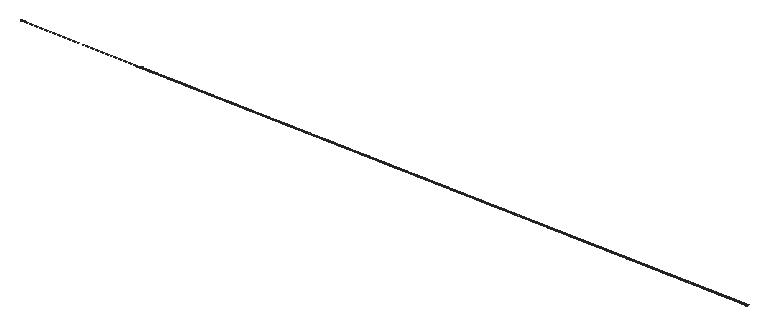
Revit family "0068184", category Lighting Fixtures, host Face, Revit 2017 (continued)
Forms (mm)
  Extrusion 52, solid
    from -1.2 to 0
  Extrusion 53, solid
    sketch origin (4496.694, 0, 0) x (1, 0, 0) y (0, 1, 0)
      loop
        line (9.4, -1.7) -> (9.4, 1.7) -> (6.6, 1.7) -> (6.6, -1.7) -> (9.4, -1.7)
      loop
        line (19.1, 1.7) -> (19.1, -1.7) -> (21.9, -1.7) -> (21.9, 1.7) -> (19.1, 1.7)
      loop
        line (34.4, -1.7) -> (34.4, 1.7) -> (31.6, 1.7) -> (31.6, -1.7) -> (34.4, -1.7)
      loop
        line (46.9, -1.7) -> (46.9, 1.7) -> (44.1, 1.7) -> (44.1, -1.7) -> (46.9, -1.7)
      loop
        line (59.4, -1.7) -> (59.4, 1.7) -> (56.6, 1.7) -> (56.6, -1.7) -> (59.4, -1.7)
      loop
        line (71.9, -1.7) -> (71.9, 1.7) -> (69.1, 1.7) -> (69.1, -1.7) -> (71.9, -1.7)
      loop
        line (84.4, -1.7) -> (84.4, 1.7) -> (81.6, 1.7) -> (81.6, -1.7) -> (84.4, -1.7)
      loop
        line (96.9, -1.7) -> (96.9, 1.7) -> (94.1, 1.7) -> (94.1, -1.7) -> (96.9, -1.7)
    from -1.2 to 0
  Extrusion 54, solid
    sketch origin (4596.62, 0, 0) x (1, 0, 0) y (0, 1, 0)
      loop
        line (9.4, -1.7) -> (9.4, 1.7) -> (6.6, 1.7) -> (6.6, -1.7) -> (9.4, -1.7)
      loop
        line (19.1, 1.7) -> (19.1, -1.7) -> (21.9, -1.7) -> (21.9, 1.7) -> (19.1, 1.7)
      loop
        line (34.4, -1.7) -> (34.4, 1.7) -> (31.6, 1.7) -> (31.6, -1.7) -> (34.4, -1.7)
      loop
        line (46.9, -1.7) -> (46.9, 1.7) -> (44.1, 1.7) -> (44.1, -1.7) -> (46.9, -1.7)
      loop
        line (59.4, -1.7) -> (59.4, 1.7) -> (56.6, 1.7) -> (56.6, -1.7) -> (59.4, -1.7)
      loop
        line (71.9, -1.7) -> (71.9, 1.7) -> (69.1, 1.7) -> (69.1, -1.7) -> (71.9, -1.7)
      loop
        line (84.4, -1.7) -> (84.4, 1.7) -> (81.6, 1.7) -> (81.6, -1.7) -> (84.4, -1.7)
      loop
        line (96.9, -1.7) -> (96.9, 1.7) -> (94.1, 1.7) -> (94.1, -1.7) -> (96.9, -1.7)
    from -1.2 to 0
  Extrusion 55, solid
    sketch origin (4696.547, 0, 0) x (1, 0, 0) y (0, 1, 0)
      loop
        line (9.4, -1.7) -> (9.4, 1.7) -> (6.6, 1.7) -> (6.6, -1.7) -> (9.4, -1.7)
      loop
        line (19.1, 1.7) -> (19.1, -1.7) -> (21.9, -1.7) -> (21.9, 1.7) -> (19.1, 1.7)
      loop
        line (34.4, -1.7) -> (34.4, 1.7) -> (31.6, 1.7) -> (31.6, -1.7) -> (34.4, -1.7)
      loop
        line (46.9, -1.7) -> (46.9, 1.7) -> (44.1, 1.7) -> (44.1, -1.7) -> (46.9, -1.7)
      loop
        line (59.4, -1.7) -> (59.4, 1.7) -> (56.6, 1.7) -> (56.6, -1.7) -> (59.4, -1.7)
      loop
        line (71.9, -1.7) -> (71.9, 1.7) -> (69.1, 1.7) -> (69.1, -1.7) -> (71.9, -1.7)
      loop
        line (84.4, -1.7) -> (84.4, 1.7) -> (81.6, 1.7) -> (81.6, -1.7) -> (84.4, -1.7)
      loop
        line (96.9, -1.7) -> (96.9, 1.7) -> (94.1, 1.7) -> (94.1, -1.7) -> (96.9, -1.7)
    from -1.2 to 0
  Extrusion 56, solid
    sketch origin (4796.473, 0, 0) x (1, 0, 0) y (0, 1, 0)
      loop
        line (9.4, -1.7) -> (9.4, 1.7) -> (6.6, 1.7) -> (6.6, -1.7) -> (9.4, -1.7)
      loop
        line (19.1, 1.7) -> (19.1, -1.7) -> (21.9, -1.7) -> (21.9, 1.7) -> (19.1, 1.7)
      loop
        line (34.4, -1.7) -> (34.4, 1.7) -> (31.6, 1.7) -> (31.6, -1.7) -> (34.4, -1.7)
      loop
        line (46.9, -1.7) -> (46.9, 1.7) -> (44.1, 1.7) -> (44.1, -1.7) -> (46.9, -1.7)
      loop
        line (59.4, -1.7) -> (59.4, 1.7) -> (56.6, 1.7) -> (56.6, -1.7) -> (59.4, -1.7)
      loop
        line (71.9, -1.7) -> (71.9, 1.7) -> (69.1, 1.7) -> (69.1, -1.7) -> (71.9, -1.7)
      loop
        line (84.4, -1.7) -> (84.4, 1.7) -> (81.6, 1.7) -> (81.6, -1.7) -> (84.4, -1.7)
      loop
        line (96.9, -1.7) -> (96.9, 1.7) -> (94.1, 1.7) -> (94.1, -1.7) -> (96.9, -1.7)
    from -1.2 to 0
  Extrusion 57, solid
    sketch origin (4896.4, 0, 0) x (1, 0, 0) y (0, 1, 0)
      loop
        line (52.9, -1.5) -> (52.9, 1.5) -> (50.6, 1.5) -> (50.6, -1.5) -> (52.9, -1.5)
    from -1.2 to -0.5
  Extrusion 58, solid
    sketch origin (99.927, 0, 0) x (1, 0, 0) y (0, 1, 0)
      loop
        line (52.9, -1.5) -> (52.9, 1.5) -> (50.6, 1.5) -> (50.6, -1.5) -> (52.9, -1.5)
    from -1.2 to -0.5
  Extrusion 59, solid
    sketch origin (199.853, 0, 0) x (1, 0, 0) y (0, 1, 0)
      loop
        line (52.9, -1.5) -> (52.9, 1.5) -> (50.6, 1.5) -> (50.6, -1.5) -> (52.9, -1.5)
    from -1.2 to -0.5
  Extrusion 60, solid
    sketch origin (299.78, 0, 0) x (1, 0, 0) y (0, 1, 0)
      loop
        line (52.9, -1.5) -> (52.9, 1.5) -> (50.6, 1.5) -> (50.6, -1.5) -> (52.9, -1.5)
    from -1.2 to -0.5
  Extrusion 61, solid
    sketch origin (399.706, 0, 0) x (1, 0, 0) y (0, 1, 0)
      loop
        line (52.9, -1.5) -> (52.9, 1.5) -> (50.6, 1.5) -> (50.6, -1.5) -> (52.9, -1.5)
    from -1.2 to -0.5
  Extrusion 62, solid
    sketch origin (499.633, 0, 0) x (1, 0, 0) y (0, 1, 0)
      loop
        line (52.9, -1.5) -> (52.9, 1.5) -> (50.6, 1.5) -> (50.6, -1.5) -> (52.9, -1.5)
    from -1.2 to -0.5
  Extrusion 63, solid
    sketch origin (599.559, 0, 0) x (1, 0, 0) y (0, 1, 0)
      loop
        line (52.9, -1.5) -> (52.9, 1.5) -> (50.6, 1.5) -> (50.6, -1.5) -> (52.9, -1.5)
    from -1.2 to -0.5
  Extrusion 64, solid
    sketch origin (699.486, 0, 0) x (1, 0, 0) y (0, 1, 0)
      loop
        line (52.9, -1.5) -> (52.9, 1.5) -> (50.6, 1.5) -> (50.6, -1.5) -> (52.9, -1.5)
    from -1.2 to -0.5
  Extrusion 65, solid
    sketch origin (799.412, 0, 0) x (1, 0, 0) y (0, 1, 0)
      loop
        line (52.9, -1.5) -> (52.9, 1.5) -> (50.6, 1.5) -> (50.6, -1.5) -> (52.9, -1.5)
    from -1.2 to -0.5
  Extrusion 66, solid
    sketch origin (899.339, 0, 0) x (1, 0, 0) y (0, 1, 0)
      loop
        line (52.9, -1.5) -> (52.9, 1.5) -> (50.6, 1.5) -> (50.6, -1.5) -> (52.9, -1.5)
    from -1.2 to -0.5
  Extrusion 67, solid
    sketch origin (999.265, 0, 0) x (1, 0, 0) y (0, 1, 0)
      loop
        line (52.9, -1.5) -> (52.9, 1.5) -> (50.6, 1.5) -> (50.6, -1.5) -> (52.9, -1.5)
    from -1.2 to -0.5
  Extrusion 68, solid
    sketch origin (1099.192, 0, 0) x (1, 0, 0) y (0, 1, 0)
      loop
        line (52.9, -1.5) -> (52.9, 1.5) -> (50.6, 1.5) -> (50.6, -1.5) -> (52.9, -1.5)
    from -1.2 to -0.5
  Extrusion 69, solid
    sketch origin (1199.118, 0, 0) x (1, 0, 0) y (0, 1, 0)
      loop
        line (52.9, -1.5) -> (52.9, 1.5) -> (50.6, 1.5) -> (50.6, -1.5) -> (52.9, -1.5)
    from -1.2 to -0.5
  Extrusion 70, solid
    sketch origin (1299.045, 0, 0) x (1, 0, 0) y (0, 1, 0)
      loop
        line (52.9, -1.5) -> (52.9, 1.5) -> (50.6, 1.5) -> (50.6, -1.5) -> (52.9, -1.5)
    from -1.2 to -0.5
  Extrusion 71, solid
    sketch origin (1398.971, 0, 0) x (1, 0, 0) y (0, 1, 0)
      loop
        line (52.9, -1.5) -> (52.9, 1.5) -> (50.6, 1.5) -> (50.6, -1.5) -> (52.9, -1.5)
    from -1.2 to -0.5
  Extrusion 72, solid
    sketch origin (1498.898, 0, 0) x (1, 0, 0) y (0, 1, 0)
      loop
        line (52.9, -1.5) -> (52.9, 1.5) -> (50.6, 1.5) -> (50.6, -1.5) -> (52.9, -1.5)
    from -1.2 to -0.5
  Extrusion 73, solid
    sketch origin (1598.824, 0, 0) x (1, 0, 0) y (0, 1, 0)
      loop
        line (52.9, -1.5) -> (52.9, 1.5) -> (50.6, 1.5) -> (50.6, -1.5) -> (52.9, -1.5)
    from -1.2 to -0.5
  Extrusion 74, solid
    sketch origin (1698.751, 0, 0) x (1, 0, 0) y (0, 1, 0)
      loop
        line (52.9, -1.5) -> (52.9, 1.5) -> (50.6, 1.5) -> (50.6, -1.5) -> (52.9, -1.5)
    from -1.2 to -0.5
  Extrusion 75, solid
    sketch origin (1798.678, 0, 0) x (1, 0, 0) y (0, 1, 0)
      loop
        line (52.9, -1.5) -> (52.9, 1.5) -> (50.6, 1.5) -> (50.6, -1.5) -> (52.9, -1.5)
    from -1.2 to -0.5
  Extrusion 76, solid
    sketch origin (1898.604, 0, 0) x (1, 0, 0) y (0, 1, 0)
      loop
        line (52.9, -1.5) -> (52.9, 1.5) -> (50.6, 1.5) -> (50.6, -1.5) -> (52.9, -1.5)
    from -1.2 to -0.5
  Extrusion 77, solid
    sketch origin (1998.531, 0, 0) x (1, 0, 0) y (0, 1, 0)
      loop
        line (52.9, -1.5) -> (52.9, 1.5) -> (50.6, 1.5) -> (50.6, -1.5) -> (52.9, -1.5)
    from -1.2 to -0.5
  Extrusion 78, solid
    sketch origin (2098.457, 0, 0) x (1, 0, 0) y (0, 1, 0)
      loop
        line (52.9, -1.5) -> (52.9, 1.5) -> (50.6, 1.5) -> (50.6, -1.5) -> (52.9, -1.5)
    from -1.2 to -0.5
  Extrusion 79, solid
    sketch origin (2198.384, 0, 0) x (1, 0, 0) y (0, 1, 0)
      loop
        line (52.9, -1.5) -> (52.9, 1.5) -> (50.6, 1.5) -> (50.6, -1.5) -> (52.9, -1.5)
    from -1.2 to -0.5
  Extrusion 80, solid
    sketch origin (2298.31, 0, 0) x (1, 0, 0) y (0, 1, 0)
      loop
        line (52.9, -1.5) -> (52.9, 1.5) -> (50.6, 1.5) -> (50.6, -1.5) -> (52.9, -1.5)
    from -1.2 to -0.5
  Extrusion 81, solid
    sketch origin (2398.237, 0, 0) x (1, 0, 0) y (0, 1, 0)
      loop
        line (52.9, -1.5) -> (52.9, 1.5) -> (50.6, 1.5) -> (50.6, -1.5) -> (52.9, -1.5)
    from -1.2 to -0.5
  Extrusion 82, solid
    sketch origin (2498.163, 0, 0) x (1, 0, 0) y (0, 1, 0)
      loop
        line (52.9, -1.5) -> (52.9, 1.5) -> (50.6, 1.5) -> (50.6, -1.5) -> (52.9, -1.5)
    from -1.2 to -0.5
  Extrusion 83, solid
    sketch origin (2598.09, 0, 0) x (1, 0, 0) y (0, 1, 0)
      loop
        line (52.9, -1.5) -> (52.9, 1.5) -> (50.6, 1.5) -> (50.6, -1.5) -> (52.9, -1.5)
    from -1.2 to -0.5
  Extrusion 84, solid
    sketch origin (2698.016, 0, 0) x (1, 0, 0) y (0, 1, 0)
      loop
        line (52.9, -1.5) -> (52.9, 1.5) -> (50.6, 1.5) -> (50.6, -1.5) -> (52.9, -1.5)
    from -1.2 to -0.5
  Extrusion 85, solid
    sketch origin (2797.943, 0, 0) x (1, 0, 0) y (0, 1, 0)
      loop
        line (52.9, -1.5) -> (52.9, 1.5) -> (50.6, 1.5) -> (50.6, -1.5) -> (52.9, -1.5)
    from -1.2 to -0.5
  Extrusion 86, solid
    sketch origin (2897.869, 0, 0) x (1, 0, 0) y (0, 1, 0)
      loop
        line (52.9, -1.5) -> (52.9, 1.5) -> (50.6, 1.5) -> (50.6, -1.5) -> (52.9, -1.5)
    from -1.2 to -0.5
  Extrusion 87, solid
    sketch origin (2997.796, 0, 0) x (1, 0, 0) y (0, 1, 0)
      loop
        line (52.9, -1.5) -> (52.9, 1.5) -> (50.6, 1.5) -> (50.6, -1.5) -> (52.9, -1.5)
    from -1.2 to -0.5
  Extrusion 88, solid
    sketch origin (3097.722, 0, 0) x (1, 0, 0) y (0, 1, 0)
      loop
        line (52.9, -1.5) -> (52.9, 1.5) -> (50.6, 1.5) -> (50.6, -1.5) -> (52.9, -1.5)
    from -1.2 to -0.5
  Extrusion 89, solid
    sketch origin (3197.649, 0, 0) x (1, 0, 0) y (0, 1, 0)
      loop
        line (52.9, -1.5) -> (52.9, 1.5) -> (50.6, 1.5) -> (50.6, -1.5) -> (52.9, -1.5)
    from -1.2 to -0.5
  Extrusion 90, solid
    sketch origin (3297.576, 0, 0) x (1, 0, 0) y (0, 1, 0)
      loop
        line (52.9, -1.5) -> (52.9, 1.5) -> (50.6, 1.5) -> (50.6, -1.5) -> (52.9, -1.5)
    from -1.2 to -0.5
  Extrusion 91, solid
    sketch origin (3397.502, 0, 0) x (1, 0, 0) y (0, 1, 0)
      loop
        line (52.9, -1.5) -> (52.9, 1.5) -> (50.6, 1.5) -> (50.6, -1.5) -> (52.9, -1.5)
    from -1.2 to -0.5
  Extrusion 92, solid
    sketch origin (3497.429, 0, 0) x (1, 0, 0) y (0, 1, 0)
      loop
        line (52.9, -1.5) -> (52.9, 1.5) -> (50.6, 1.5) -> (50.6, -1.5) -> (52.9, -1.5)
    from -1.2 to -0.5
  Extrusion 93, solid
    sketch origin (3597.355, 0, 0) x (1, 0, 0) y (0, 1, 0)
      loop
        line (52.9, -1.5) -> (52.9, 1.5) -> (50.6, 1.5) -> (50.6, -1.5) -> (52.9, -1.5)
    from -1.2 to -0.5
  Extrusion 94, solid
    sketch origin (3697.282, 0, 0) x (1, 0, 0) y (0, 1, 0)
      loop
        line (52.9, -1.5) -> (52.9, 1.5) -> (50.6, 1.5) -> (50.6, -1.5) -> (52.9, -1.5)
    from -1.2 to -0.5
  Extrusion 95, solid
    sketch origin (3797.208, 0, 0) x (1, 0, 0) y (0, 1, 0)
      loop
        line (52.9, -1.5) -> (52.9, 1.5) -> (50.6, 1.5) -> (50.6, -1.5) -> (52.9, -1.5)
    from -1.2 to -0.5
  Extrusion 96, solid
    sketch origin (3897.135, 0, 0) x (1, 0, 0) y (0, 1, 0)
      loop
        line (52.9, -1.5) -> (52.9, 1.5) -> (50.6, 1.5) -> (50.6, -1.5) -> (52.9, -1.5)
    from -1.2 to -0.5
  Extrusion 97, solid
    sketch origin (3997.061, 0, 0) x (1, 0, 0) y (0, 1, 0)
      loop
        line (52.9, -1.5) -> (52.9, 1.5) -> (50.6, 1.5) -> (50.6, -1.5) -> (52.9, -1.5)
    from -1.2 to -0.5
  Extrusion 98, solid
    sketch origin (4096.988, 0, 0) x (1, 0, 0) y (0, 1, 0)
      loop
        line (52.9, -1.5) -> (52.9, 1.5) -> (50.6, 1.5) -> (50.6, -1.5) -> (52.9, -1.5)
    from -1.2 to -0.5
  Extrusion 99, solid
    sketch origin (4196.914, 0, 0) x (1, 0, 0) y (0, 1, 0)
      loop
        line (52.9, -1.5) -> (52.9, 1.5) -> (50.6, 1.5) -> (50.6, -1.5) -> (52.9, -1.5)
    from -1.2 to -0.5
  Extrusion 100, solid
    sketch origin (4296.841, 0, 0) x (1, 0, 0) y (0, 1, 0)
      loop
        line (52.9, -1.5) -> (52.9, 1.5) -> (50.6, 1.5) -> (50.6, -1.5) -> (52.9, -1.5)
    from -1.2 to -0.5
  Extrusion 101, solid
    sketch origin (4396.767, 0, 0) x (1, 0, 0) y (0, 1, 0)
      loop
        line (52.9, -1.5) -> (52.9, 1.5) -> (50.6, 1.5) -> (50.6, -1.5) -> (52.9, -1.5)
    from -1.2 to -0.5
  Extrusion 102, solid
    sketch origin (4496.694, 0, 0) x (1, 0, 0) y (0, 1, 0)
      loop
        line (52.9, -1.5) -> (52.9, 1.5) -> (50.6, 1.5) -> (50.6, -1.5) -> (52.9, -1.5)
    from -1.2 to -0.5
  Extrusion 103, solid
    sketch origin (4596.62, 0, 0) x (1, 0, 0) y (0, 1, 0)
      loop
        line (52.9, -1.5) -> (52.9, 1.5) -> (50.6, 1.5) -> (50.6, -1.5) -> (52.9, -1.5)
    from -1.2 to -0.5
  Extrusion 104, solid
    sketch origin (4696.547, 0, 0) x (1, 0, 0) y (0, 1, 0)
      loop
        line (52.9, -1.5) -> (52.9, 1.5) -> (50.6, 1.5) -> (50.6, -1.5) -> (52.9, -1.5)
    from -1.2 to -0.5
  Extrusion 105, solid
    sketch origin (4796.473, 0, 0) x (1, 0, 0) y (0, 1, 0)
      loop
        line (52.9, -1.5) -> (52.9, 1.5) -> (50.6, 1.5) -> (50.6, -1.5) -> (52.9, -1.5)
    from -1.2 to -0.5
Dimensions and locks
  "CABLE_LENGHT_SYL": plane 8 to plane 3 "Center (Left/Right)"
  "CABLE_FIX_SYL": plane 3 "Center (Left/Right)" to plane 7
  "LUM_WIDTH_SYL": plane 6 to plane 1 "Center (Front/Back)" to plane 5
  "CABLE_BLEND_SYL": plane 9 to plane 3 "Center (Left/Right)"
  "CABLE_END_SYL": plane 8 to plane 10
  "LUM_LENGHT_SYL": plane 3 "Center (Left/Right)" to plane 4
  "CABLE_DIST_SYL": plane 12 to plane 1 "Center (Front/Back)" to plane 11
  "CABLE_DIST2_SYL": plane 13 to plane 5
  "CABLE_DIST2_SYL": plane 6 to plane 14
  "LED_CH_S_WIDTH_SYL": plane 18 to plane 1 "Center (Front/Back)" to plane 17
  "LED_CH_L_WIDTH_SYL": plane 16 to plane 1 "Center (Front/Back)" to plane 15
  "PHOTOMETRY1_SYL": imposter light to plane 4
  "PHOTOMETRY2_SYL": imposter light to Extrusion 1
  "LED_CH_L_DIST1_SYL": plane 3 "Center (Left/Right)" to plane 19  (x2)
  "LED_CH_L_DIST_SYL": plane 19 to plane 20 to plane 21 to plane 22 to plane 23 to plane 24 to plane 25 to plane 26
  "LED_CH_S_DEPTH1_SYL": plane 19 to plane 43
  "LED_CH_S_DEPTH2_SYL": plane 44 to plane 19
  equal spacing: group 1, group 3, group 4, group 5, group 6, group 7, group 8, group 9, group 10, group 11, group 12, group 13, group 14, group 15, group 16, group 17, group 18, group 19, group 20, group 21, group 22, group 23, group 24, group 25, group 26, group 27, group 28, group 29, group 30, group 31, group 32, group 33, group 34, group 35, group 36, group 37, group 38, group 39, group 40, group 41, group 42, group 43, group 44, group 45, group 46, group 47, group 48, group 49, group 50, group 2  (x3)
  equal spacing: group 51, group 53, group 54, group 55, group 56, group 57, group 58, group 59, group 60, group 61, group 62, group 63, group 64, group 65, group 66, group 67, group 68, group 69, group 70, group 71, group 72, group 73, group 74, group 75, group 76, group 77, group 78, group 79, group 80, group 81, group 82, group 83, group 84, group 85, group 86, group 87, group 88, group 89, group 90, group 91, group 92, group 93, group 94, group 95, group 96, group 97, group 98, group 99, group 100, group 52  (x3)
  aligned and locked: host face to plane 2
  aligned and locked: host face to level
  aligned and locked: Extrusion 1 sketch curve to plane 4
  aligned and locked: plane 3 "Center (Left/Right)" to Extrusion 1 sketch curve
  aligned and locked: Revolve 4 sketch curve to plane 11
  aligned and locked: Sweep 2 to Revolve 4 sketch curve
  aligned and locked: plane 8 to Revolve 4 sketch curve
  aligned and locked: Revolve 5 sketch curve to plane 12  (x2)
  aligned and locked: Revolve 5 sketch curve to Sweep 3
  aligned and locked: Revolve 5 sketch curve to plane 8
Automatic sketch dimensions
  plane 6 to Extrusion 1 sketch curve = 0 mm
  plane 5 to Extrusion 1 sketch curve = 0 mm
  Sweep 2 sketch curve to plane 10 = 0 mm
  Sweep 2 sketch curve to plane 9 = 0 mm
  Sweep 2 sketch curve to plane 3 "Center (Left/Right)" = 0 mm
  Sweep 2 sketch curve to plane 7 = 0 mm
  plane 11 to Sweep 2 sketch curve = 0 mm
  plane 13 to Sweep 2 sketch curve = 0 mm
  Sweep 3 sketch curve to plane 10 = 0 mm
  Sweep 3 sketch curve to plane 9 = 0 mm
  Sweep 3 sketch curve to plane 3 "Center (Left/Right)" = 0 mm
  Sweep 3 sketch curve to plane 7 = 0 mm
  plane 14 to Sweep 3 sketch curve = 0 mm
  plane 12 to Sweep 3 sketch curve = 0 mm
  level to Sweep 3 sketch curve = 0 mm
  Sweep 3 sketch curve to profile plane = 0 mm
  Sweep 2 sketch curve to level = 0 mm
  Sweep 2 sketch curve to profile plane = 0 mm
  host sketch curve to host sketch curve = 6451.645 mm
  host sketch curve to host sketch curve = 2438.4 mm
  plane 16 to Revolve 5 sketch curve = 0.723 mm
  Revolve 5 sketch curve to plane 8 = 1324 mm
  Revolve 4 sketch curve to plane 11 = 0 mm
  Revolve 4 sketch curve to plane 15 = 0.744 mm
  Revolve 4 sketch curve to plane 8 = 1324 mm
  plane 7 to Revolve 4 sketch curve = 1556.2 mm
  plane 7 to Revolve 5 sketch curve = 1556.2 mm
  Extrusion 6 sketch curve to Extrusion 6 sketch curve = 2.8 mm  (x8)
  Extrusion 6 sketch curve to Extrusion 6 sketch curve = 9.7 mm  (x7)
  Extrusion 6 sketch curve to Extrusion 6 sketch curve = 0 mm  (x7)
  Extrusion 6 sketch curve to Extrusion 6 sketch curve = 3.4 mm  (x8)
  Extrusion 8 sketch curve to Extrusion 8 sketch curve = 2.8 mm  (x8)
  Extrusion 8 sketch curve to Extrusion 8 sketch curve = 9.7 mm  (x7)
  Extrusion 8 sketch curve to Extrusion 8 sketch curve = 0 mm  (x7)
  Extrusion 8 sketch curve to Extrusion 8 sketch curve = 3.4 mm  (x8)
  Extrusion 9 sketch curve to Extrusion 9 sketch curve = 2.8 mm  (x8)
  Extrusion 9 sketch curve to Extrusion 9 sketch curve = 9.7 mm  (x7)
  Extrusion 9 sketch curve to Extrusion 9 sketch curve = 0 mm  (x7)
  Extrusion 9 sketch curve to Extrusion 9 sketch curve = 3.4 mm  (x8)
  Extrusion 10 sketch curve to Extrusion 10 sketch curve = 2.8 mm  (x8)
  Extrusion 10 sketch curve to Extrusion 10 sketch curve = 9.7 mm  (x7)
  Extrusion 10 sketch curve to Extrusion 10 sketch curve = 0 mm  (x7)
  Extrusion 10 sketch curve to Extrusion 10 sketch curve = 3.4 mm  (x8)
  Extrusion 11 sketch curve to Extrusion 11 sketch curve = 2.8 mm  (x8)
  Extrusion 11 sketch curve to Extrusion 11 sketch curve = 9.7 mm  (x7)
  Extrusion 11 sketch curve to Extrusion 11 sketch curve = 0 mm  (x7)
  Extrusion 11 sketch curve to Extrusion 11 sketch curve = 3.4 mm  (x8)
  Extrusion 12 sketch curve to Extrusion 12 sketch curve = 2.8 mm  (x8)
  Extrusion 12 sketch curve to Extrusion 12 sketch curve = 9.7 mm  (x7)
  Extrusion 12 sketch curve to Extrusion 12 sketch curve = 0 mm  (x7)
  Extrusion 12 sketch curve to Extrusion 12 sketch curve = 3.4 mm  (x8)
  Extrusion 13 sketch curve to Extrusion 13 sketch curve = 2.8 mm  (x8)
  Extrusion 13 sketch curve to Extrusion 13 sketch curve = 9.7 mm  (x7)
  Extrusion 13 sketch curve to Extrusion 13 sketch curve = 0 mm  (x7)
  Extrusion 13 sketch curve to Extrusion 13 sketch curve = 3.4 mm  (x8)
  Extrusion 14 sketch curve to Extrusion 14 sketch curve = 2.8 mm  (x8)
  Extrusion 14 sketch curve to Extrusion 14 sketch curve = 9.7 mm  (x7)
  Extrusion 14 sketch curve to Extrusion 14 sketch curve = 0 mm  (x7)
  Extrusion 14 sketch curve to Extrusion 14 sketch curve = 3.4 mm  (x8)
  Extrusion 15 sketch curve to Extrusion 15 sketch curve = 2.8 mm  (x8)
  Extrusion 15 sketch curve to Extrusion 15 sketch curve = 9.7 mm  (x7)
  Extrusion 15 sketch curve to Extrusion 15 sketch curve = 0 mm  (x7)
  Extrusion 15 sketch curve to Extrusion 15 sketch curve = 3.4 mm  (x8)
  Extrusion 16 sketch curve to Extrusion 16 sketch curve = 2.8 mm  (x8)
  Extrusion 16 sketch curve to Extrusion 16 sketch curve = 9.7 mm  (x7)
  Extrusion 16 sketch curve to Extrusion 16 sketch curve = 0 mm  (x7)
  Extrusion 16 sketch curve to Extrusion 16 sketch curve = 3.4 mm  (x8)
  Extrusion 17 sketch curve to Extrusion 17 sketch curve = 2.8 mm  (x8)
  Extrusion 17 sketch curve to Extrusion 17 sketch curve = 9.7 mm  (x7)
  Extrusion 17 sketch curve to Extrusion 17 sketch curve = 0 mm  (x7)
  Extrusion 17 sketch curve to Extrusion 17 sketch curve = 3.4 mm  (x8)
  Extrusion 18 sketch curve to Extrusion 18 sketch curve = 2.8 mm  (x8)
  Extrusion 18 sketch curve to Extrusion 18 sketch curve = 9.7 mm  (x7)
  Extrusion 18 sketch curve to Extrusion 18 sketch curve = 0 mm  (x7)
  Extrusion 18 sketch curve to Extrusion 18 sketch curve = 3.4 mm  (x8)
  Extrusion 19 sketch curve to Extrusion 19 sketch curve = 2.8 mm  (x8)
  Extrusion 19 sketch curve to Extrusion 19 sketch curve = 9.7 mm  (x7)
  Extrusion 19 sketch curve to Extrusion 19 sketch curve = 0 mm  (x7)
  Extrusion 19 sketch curve to Extrusion 19 sketch curve = 3.4 mm  (x8)
  Extrusion 20 sketch curve to Extrusion 20 sketch curve = 2.8 mm  (x8)
  Extrusion 20 sketch curve to Extrusion 20 sketch curve = 9.7 mm  (x7)
  Extrusion 20 sketch curve to Extrusion 20 sketch curve = 0 mm  (x7)
  Extrusion 20 sketch curve to Extrusion 20 sketch curve = 3.4 mm  (x8)
  Extrusion 21 sketch curve to Extrusion 21 sketch curve = 2.8 mm  (x8)
  Extrusion 21 sketch curve to Extrusion 21 sketch curve = 9.7 mm  (x7)
  Extrusion 21 sketch curve to Extrusion 21 sketch curve = 0 mm  (x7)
  Extrusion 21 sketch curve to Extrusion 21 sketch curve = 3.4 mm  (x8)
  Extrusion 22 sketch curve to Extrusion 22 sketch curve = 2.8 mm  (x8)
  Extrusion 22 sketch curve to Extrusion 22 sketch curve = 9.7 mm  (x7)
  Extrusion 22 sketch curve to Extrusion 22 sketch curve = 0 mm  (x7)
  Extrusion 22 sketch curve to Extrusion 22 sketch curve = 3.4 mm  (x8)
  Extrusion 23 sketch curve to Extrusion 23 sketch curve = 2.8 mm  (x8)
  Extrusion 23 sketch curve to Extrusion 23 sketch curve = 9.7 mm  (x7)
  Extrusion 23 sketch curve to Extrusion 23 sketch curve = 0 mm  (x7)
  Extrusion 23 sketch curve to Extrusion 23 sketch curve = 3.4 mm  (x8)
  Extrusion 24 sketch curve to Extrusion 24 sketch curve = 2.8 mm  (x8)
  Extrusion 24 sketch curve to Extrusion 24 sketch curve = 9.7 mm  (x7)
  Extrusion 24 sketch curve to Extrusion 24 sketch curve = 0 mm  (x7)
  Extrusion 24 sketch curve to Extrusion 24 sketch curve = 3.4 mm  (x8)
  Extrusion 25 sketch curve to Extrusion 25 sketch curve = 2.8 mm  (x8)
  Extrusion 25 sketch curve to Extrusion 25 sketch curve = 9.7 mm  (x7)
  Extrusion 25 sketch curve to Extrusion 25 sketch curve = 0 mm  (x7)
  Extrusion 25 sketch curve to Extrusion 25 sketch curve = 3.4 mm  (x8)
  Extrusion 26 sketch curve to Extrusion 26 sketch curve = 2.8 mm  (x8)
  Extrusion 26 sketch curve to Extrusion 26 sketch curve = 9.7 mm  (x7)
  Extrusion 26 sketch curve to Extrusion 26 sketch curve = 0 mm  (x7)
  Extrusion 26 sketch curve to Extrusion 26 sketch curve = 3.4 mm  (x8)
  Extrusion 27 sketch curve to Extrusion 27 sketch curve = 2.8 mm  (x8)
  Extrusion 27 sketch curve to Extrusion 27 sketch curve = 9.7 mm  (x7)
  Extrusion 27 sketch curve to Extrusion 27 sketch curve = 0 mm  (x7)
  Extrusion 27 sketch curve to Extrusion 27 sketch curve = 3.4 mm  (x8)
  Extrusion 28 sketch curve to Extrusion 28 sketch curve = 2.8 mm  (x8)
  Extrusion 28 sketch curve to Extrusion 28 sketch curve = 9.7 mm  (x7)
  Extrusion 28 sketch curve to Extrusion 28 sketch curve = 0 mm  (x7)
  Extrusion 28 sketch curve to Extrusion 28 sketch curve = 3.4 mm  (x8)
  Extrusion 29 sketch curve to Extrusion 29 sketch curve = 2.8 mm  (x8)
  Extrusion 29 sketch curve to Extrusion 29 sketch curve = 9.7 mm  (x7)
  Extrusion 29 sketch curve to Extrusion 29 sketch curve = 0 mm  (x7)
  Extrusion 29 sketch curve to Extrusion 29 sketch curve = 3.4 mm  (x8)
  Extrusion 30 sketch curve to Extrusion 30 sketch curve = 2.8 mm  (x8)
  Extrusion 30 sketch curve to Extrusion 30 sketch curve = 9.7 mm  (x7)
  Extrusion 30 sketch curve to Extrusion 30 sketch curve = 0 mm  (x7)
  Extrusion 30 sketch curve to Extrusion 30 sketch curve = 3.4 mm  (x8)
  Extrusion 31 sketch curve to Extrusion 31 sketch curve = 2.8 mm  (x8)
  Extrusion 31 sketch curve to Extrusion 31 sketch curve = 9.7 mm  (x7)
  Extrusion 31 sketch curve to Extrusion 31 sketch curve = 0 mm  (x7)
  Extrusion 31 sketch curve to Extrusion 31 sketch curve = 3.4 mm  (x8)
  Extrusion 32 sketch curve to Extrusion 32 sketch curve = 2.8 mm  (x8)
  Extrusion 32 sketch curve to Extrusion 32 sketch curve = 9.7 mm  (x7)
  Extrusion 32 sketch curve to Extrusion 32 sketch curve = 0 mm  (x7)
  Extrusion 32 sketch curve to Extrusion 32 sketch curve = 3.4 mm  (x8)
  Extrusion 33 sketch curve to Extrusion 33 sketch curve = 2.8 mm  (x8)
  Extrusion 33 sketch curve to Extrusion 33 sketch curve = 9.7 mm  (x7)
  Extrusion 33 sketch curve to Extrusion 33 sketch curve = 0 mm  (x7)
  Extrusion 33 sketch curve to Extrusion 33 sketch curve = 3.4 mm  (x8)
  Extrusion 34 sketch curve to Extrusion 34 sketch curve = 2.8 mm  (x8)
  Extrusion 34 sketch curve to Extrusion 34 sketch curve = 9.7 mm  (x7)
  Extrusion 34 sketch curve to Extrusion 34 sketch curve = 0 mm  (x7)
  Extrusion 34 sketch curve to Extrusion 34 sketch curve = 3.4 mm  (x8)
  Extrusion 35 sketch curve to Extrusion 35 sketch curve = 2.8 mm  (x8)
  Extrusion 35 sketch curve to Extrusion 35 sketch curve = 9.7 mm  (x7)
  Extrusion 35 sketch curve to Extrusion 35 sketch curve = 0 mm  (x7)
  Extrusion 35 sketch curve to Extrusion 35 sketch curve = 3.4 mm  (x8)
  Extrusion 36 sketch curve to Extrusion 36 sketch curve = 2.8 mm  (x8)
  Extrusion 36 sketch curve to Extrusion 36 sketch curve = 9.7 mm  (x7)
  Extrusion 36 sketch curve to Extrusion 36 sketch curve = 0 mm  (x7)
  Extrusion 36 sketch curve to Extrusion 36 sketch curve = 3.4 mm  (x8)
  Extrusion 37 sketch curve to Extrusion 37 sketch curve = 2.8 mm  (x8)
  Extrusion 37 sketch curve to Extrusion 37 sketch curve = 9.7 mm  (x7)
  Extrusion 37 sketch curve to Extrusion 37 sketch curve = 0 mm  (x7)
  Extrusion 37 sketch curve to Extrusion 37 sketch curve = 3.4 mm  (x8)
  Extrusion 38 sketch curve to Extrusion 38 sketch curve = 2.8 mm  (x8)
  Extrusion 38 sketch curve to Extrusion 38 sketch curve = 9.7 mm  (x7)
  Extrusion 38 sketch curve to Extrusion 38 sketch curve = 0 mm  (x7)
  Extrusion 38 sketch curve to Extrusion 38 sketch curve = 3.4 mm  (x8)
  Extrusion 39 sketch curve to Extrusion 39 sketch curve = 2.8 mm  (x8)
  Extrusion 39 sketch curve to Extrusion 39 sketch curve = 9.7 mm  (x7)
  Extrusion 39 sketch curve to Extrusion 39 sketch curve = 0 mm  (x7)
  Extrusion 39 sketch curve to Extrusion 39 sketch curve = 3.4 mm  (x8)
  Extrusion 40 sketch curve to Extrusion 40 sketch curve = 2.8 mm  (x8)
  Extrusion 40 sketch curve to Extrusion 40 sketch curve = 9.7 mm  (x7)
  Extrusion 40 sketch curve to Extrusion 40 sketch curve = 0 mm  (x7)
  Extrusion 40 sketch curve to Extrusion 40 sketch curve = 3.4 mm  (x8)
  Extrusion 41 sketch curve to Extrusion 41 sketch curve = 2.8 mm  (x8)
  Extrusion 41 sketch curve to Extrusion 41 sketch curve = 9.7 mm  (x7)
  Extrusion 41 sketch curve to Extrusion 41 sketch curve = 0 mm  (x7)
  Extrusion 41 sketch curve to Extrusion 41 sketch curve = 3.4 mm  (x8)
  Extrusion 42 sketch curve to Extrusion 42 sketch curve = 2.8 mm  (x8)
  Extrusion 42 sketch curve to Extrusion 42 sketch curve = 9.7 mm  (x7)
  Extrusion 42 sketch curve to Extrusion 42 sketch curve = 0 mm  (x7)
  Extrusion 42 sketch curve to Extrusion 42 sketch curve = 3.4 mm  (x8)
  Extrusion 43 sketch curve to Extrusion 43 sketch curve = 2.8 mm  (x8)
  Extrusion 43 sketch curve to Extrusion 43 sketch curve = 9.7 mm  (x7)
  Extrusion 43 sketch curve to Extrusion 43 sketch curve = 0 mm  (x7)
  Extrusion 43 sketch curve to Extrusion 43 sketch curve = 3.4 mm  (x8)
  Extrusion 44 sketch curve to Extrusion 44 sketch curve = 2.8 mm  (x8)
  Extrusion 44 sketch curve to Extrusion 44 sketch curve = 9.7 mm  (x7)
  Extrusion 44 sketch curve to Extrusion 44 sketch curve = 0 mm  (x7)
  Extrusion 44 sketch curve to Extrusion 44 sketch curve = 3.4 mm  (x8)
  Extrusion 45 sketch curve to Extrusion 45 sketch curve = 2.8 mm  (x8)
  Extrusion 45 sketch curve to Extrusion 45 sketch curve = 9.7 mm  (x7)
  Extrusion 45 sketch curve to Extrusion 45 sketch curve = 0 mm  (x7)
  Extrusion 45 sketch curve to Extrusion 45 sketch curve = 3.4 mm  (x8)
  Extrusion 46 sketch curve to Extrusion 46 sketch curve = 2.8 mm  (x8)
  Extrusion 46 sketch curve to Extrusion 46 sketch curve = 9.7 mm  (x7)
  Extrusion 46 sketch curve to Extrusion 46 sketch curve = 0 mm  (x7)
  Extrusion 46 sketch curve to Extrusion 46 sketch curve = 3.4 mm  (x8)
  Extrusion 47 sketch curve to Extrusion 47 sketch curve = 2.8 mm  (x8)
  Extrusion 47 sketch curve to Extrusion 47 sketch curve = 9.7 mm  (x7)
  Extrusion 47 sketch curve to Extrusion 47 sketch curve = 0 mm  (x7)
  Extrusion 47 sketch curve to Extrusion 47 sketch curve = 3.4 mm  (x8)
  Extrusion 48 sketch curve to Extrusion 48 sketch curve = 2.8 mm  (x8)
  Extrusion 48 sketch curve to Extrusion 48 sketch curve = 9.7 mm  (x7)
  Extrusion 48 sketch curve to Extrusion 48 sketch curve = 0 mm  (x7)
  Extrusion 48 sketch curve to Extrusion 48 sketch curve = 3.4 mm  (x8)
  Extrusion 49 sketch curve to Extrusion 49 sketch curve = 2.8 mm  (x8)
  Extrusion 49 sketch curve to Extrusion 49 sketch curve = 9.7 mm  (x7)
  Extrusion 49 sketch curve to Extrusion 49 sketch curve = 0 mm  (x7)
  Extrusion 49 sketch curve to Extrusion 49 sketch curve = 3.4 mm  (x8)
  Extrusion 50 sketch curve to Extrusion 50 sketch curve = 2.8 mm  (x8)
  Extrusion 50 sketch curve to Extrusion 50 sketch curve = 9.7 mm  (x7)
  Extrusion 50 sketch curve to Extrusion 50 sketch curve = 0 mm  (x7)
  Extrusion 50 sketch curve to Extrusion 50 sketch curve = 3.4 mm  (x8)
  Extrusion 51 sketch curve to Extrusion 51 sketch curve = 2.8 mm  (x8)
  Extrusion 51 sketch curve to Extrusion 51 sketch curve = 9.7 mm  (x7)
  Extrusion 51 sketch curve to Extrusion 51 sketch curve = 0 mm  (x7)
  Extrusion 51 sketch curve to Extrusion 51 sketch curve = 3.4 mm  (x8)
  Extrusion 52 sketch curve to Extrusion 52 sketch curve = 2.8 mm  (x8)
  Extrusion 52 sketch curve to Extrusion 52 sketch curve = 9.7 mm  (x7)
  Extrusion 52 sketch curve to Extrusion 52 sketch curve = 0 mm  (x7)
  Extrusion 52 sketch curve to Extrusion 52 sketch curve = 3.4 mm  (x8)
  Extrusion 53 sketch curve to Extrusion 53 sketch curve = 2.8 mm  (x8)
  Extrusion 53 sketch curve to Extrusion 53 sketch curve = 9.7 mm  (x7)
  Extrusion 53 sketch curve to Extrusion 53 sketch curve = 0 mm  (x7)
  Extrusion 53 sketch curve to Extrusion 53 sketch curve = 3.4 mm  (x8)
  Extrusion 54 sketch curve to Extrusion 54 sketch curve = 2.8 mm  (x8)
  Extrusion 54 sketch curve to Extrusion 54 sketch curve = 9.7 mm  (x7)
  Extrusion 54 sketch curve to Extrusion 54 sketch curve = 0 mm  (x7)
  Extrusion 54 sketch curve to Extrusion 54 sketch curve = 3.4 mm  (x8)
  Extrusion 55 sketch curve to Extrusion 55 sketch curve = 2.8 mm  (x8)
  Extrusion 55 sketch curve to Extrusion 55 sketch curve = 9.7 mm  (x7)
  Extrusion 55 sketch curve to Extrusion 55 sketch curve = 0 mm  (x7)
  Extrusion 55 sketch curve to Extrusion 55 sketch curve = 3.4 mm  (x8)
  Extrusion 56 sketch curve to Extrusion 56 sketch curve = 2.8 mm  (x8)
  Extrusion 56 sketch curve to Extrusion 56 sketch curve = 9.7 mm  (x7)
  Extrusion 56 sketch curve to Extrusion 56 sketch curve = 0 mm  (x7)
  Extrusion 56 sketch curve to Extrusion 56 sketch curve = 3.4 mm  (x8)
  Extrusion 7 sketch curve to Extrusion 7 sketch curve = 2.3 mm
  Extrusion 7 sketch curve to Extrusion 7 sketch curve = 3 mm
  Extrusion 57 sketch curve to Extrusion 57 sketch curve = 2.3 mm
  Extrusion 57 sketch curve to Extrusion 57 sketch curve = 3 mm
  Extrusion 58 sketch curve to Extrusion 58 sketch curve = 2.3 mm
  Extrusion 58 sketch curve to Extrusion 58 sketch curve = 3 mm
  Extrusion 59 sketch curve to Extrusion 59 sketch curve = 2.3 mm
  Extrusion 59 sketch curve to Extrusion 59 sketch curve = 3 mm
  Extrusion 60 sketch curve to Extrusion 60 sketch curve = 2.3 mm
  Extrusion 60 sketch curve to Extrusion 60 sketch curve = 3 mm
  Extrusion 61 sketch curve to Extrusion 61 sketch curve = 2.3 mm
  Extrusion 61 sketch curve to Extrusion 61 sketch curve = 3 mm
  Extrusion 62 sketch curve to Extrusion 62 sketch curve = 2.3 mm
  Extrusion 62 sketch curve to Extrusion 62 sketch curve = 3 mm
  Extrusion 63 sketch curve to Extrusion 63 sketch curve = 2.3 mm
  Extrusion 63 sketch curve to Extrusion 63 sketch curve = 3 mm
  Extrusion 64 sketch curve to Extrusion 64 sketch curve = 2.3 mm
  Extrusion 64 sketch curve to Extrusion 64 sketch curve = 3 mm
  Extrusion 65 sketch curve to Extrusion 65 sketch curve = 2.3 mm
  Extrusion 65 sketch curve to Extrusion 65 sketch curve = 3 mm
  Extrusion 66 sketch curve to Extrusion 66 sketch curve = 2.3 mm
  Extrusion 66 sketch curve to Extrusion 66 sketch curve = 3 mm
  Extrusion 67 sketch curve to Extrusion 67 sketch curve = 2.3 mm
  Extrusion 67 sketch curve to Extrusion 67 sketch curve = 3 mm
  Extrusion 68 sketch curve to Extrusion 68 sketch curve = 2.3 mm
  Extrusion 68 sketch curve to Extrusion 68 sketch curve = 3 mm
  Extrusion 69 sketch curve to Extrusion 69 sketch curve = 2.3 mm
  Extrusion 69 sketch curve to Extrusion 69 sketch curve = 3 mm
  Extrusion 70 sketch curve to Extrusion 70 sketch curve = 2.3 mm
  Extrusion 70 sketch curve to Extrusion 70 sketch curve = 3 mm
  Extrusion 71 sketch curve to Extrusion 71 sketch curve = 2.3 mm
  Extrusion 71 sketch curve to Extrusion 71 sketch curve = 3 mm
  Extrusion 72 sketch curve to Extrusion 72 sketch curve = 2.3 mm
  Extrusion 72 sketch curve to Extrusion 72 sketch curve = 3 mm
  Extrusion 73 sketch curve to Extrusion 73 sketch curve = 2.3 mm
  Extrusion 73 sketch curve to Extrusion 73 sketch curve = 3 mm
  Extrusion 74 sketch curve to Extrusion 74 sketch curve = 2.3 mm
  Extrusion 74 sketch curve to Extrusion 74 sketch curve = 3 mm
  Extrusion 75 sketch curve to Extrusion 75 sketch curve = 2.3 mm
  Extrusion 75 sketch curve to Extrusion 75 sketch curve = 3 mm
  Extrusion 76 sketch curve to Extrusion 76 sketch curve = 2.3 mm
  Extrusion 76 sketch curve to Extrusion 76 sketch curve = 3 mm
  Extrusion 77 sketch curve to Extrusion 77 sketch curve = 2.3 mm
  Extrusion 77 sketch curve to Extrusion 77 sketch curve = 3 mm
  Extrusion 78 sketch curve to Extrusion 78 sketch curve = 2.3 mm
  Extrusion 78 sketch curve to Extrusion 78 sketch curve = 3 mm
  Extrusion 79 sketch curve to Extrusion 79 sketch curve = 2.3 mm
  Extrusion 79 sketch curve to Extrusion 79 sketch curve = 3 mm
  Extrusion 80 sketch curve to Extrusion 80 sketch curve = 2.3 mm
  Extrusion 80 sketch curve to Extrusion 80 sketch curve = 3 mm
  Extrusion 81 sketch curve to Extrusion 81 sketch curve = 2.3 mm
  Extrusion 81 sketch curve to Extrusion 81 sketch curve = 3 mm
  Extrusion 82 sketch curve to Extrusion 82 sketch curve = 2.3 mm
  Extrusion 82 sketch curve to Extrusion 82 sketch curve = 3 mm
  Extrusion 83 sketch curve to Extrusion 83 sketch curve = 2.3 mm
  Extrusion 83 sketch curve to Extrusion 83 sketch curve = 3 mm
  Extrusion 84 sketch curve to Extrusion 84 sketch curve = 2.3 mm
  Extrusion 84 sketch curve to Extrusion 84 sketch curve = 3 mm
  Extrusion 85 sketch curve to Extrusion 85 sketch curve = 2.3 mm
  Extrusion 85 sketch curve to Extrusion 85 sketch curve = 3 mm
  Extrusion 86 sketch curve to Extrusion 86 sketch curve = 2.3 mm
  Extrusion 86 sketch curve to Extrusion 86 sketch curve = 3 mm
  Extrusion 87 sketch curve to Extrusion 87 sketch curve = 2.3 mm
  Extrusion 87 sketch curve to Extrusion 87 sketch curve = 3 mm
  Extrusion 88 sketch curve to Extrusion 88 sketch curve = 2.3 mm
  Extrusion 88 sketch curve to Extrusion 88 sketch curve = 3 mm
  Extrusion 89 sketch curve to Extrusion 89 sketch curve = 2.3 mm
  Extrusion 89 sketch curve to Extrusion 89 sketch curve = 3 mm
  Extrusion 90 sketch curve to Extrusion 90 sketch curve = 2.3 mm
  Extrusion 90 sketch curve to Extrusion 90 sketch curve = 3 mm
  Extrusion 91 sketch curve to Extrusion 91 sketch curve = 2.3 mm
  Extrusion 91 sketch curve to Extrusion 91 sketch curve = 3 mm
  Extrusion 92 sketch curve to Extrusion 92 sketch curve = 2.3 mm
  Extrusion 92 sketch curve to Extrusion 92 sketch curve = 3 mm
  Extrusion 93 sketch curve to Extrusion 93 sketch curve = 2.3 mm
  Extrusion 93 sketch curve to Extrusion 93 sketch curve = 3 mm
  Extrusion 94 sketch curve to Extrusion 94 sketch curve = 2.3 mm
  Extrusion 94 sketch curve to Extrusion 94 sketch curve = 3 mm
  Extrusion 95 sketch curve to Extrusion 95 sketch curve = 2.3 mm
  Extrusion 95 sketch curve to Extrusion 95 sketch curve = 3 mm
  Extrusion 96 sketch curve to Extrusion 96 sketch curve = 2.3 mm
  Extrusion 96 sketch curve to Extrusion 96 sketch curve = 3 mm
  Extrusion 97 sketch curve to Extrusion 97 sketch curve = 2.3 mm
  Extrusion 97 sketch curve to Extrusion 97 sketch curve = 3 mm
  Extrusion 98 sketch curve to Extrusion 98 sketch curve = 2.3 mm
  Extrusion 98 sketch curve to Extrusion 98 sketch curve = 3 mm
  Extrusion 99 sketch curve to Extrusion 99 sketch curve = 2.3 mm
  Extrusion 99 sketch curve to Extrusion 99 sketch curve = 3 mm
  Extrusion 100 sketch curve to Extrusion 100 sketch curve = 2.3 mm
  Extrusion 100 sketch curve to Extrusion 100 sketch curve = 3 mm
  Extrusion 101 sketch curve to Extrusion 101 sketch curve = 2.3 mm
  Extrusion 101 sketch curve to Extrusion 101 sketch curve = 3 mm
  Extrusion 102 sketch curve to Extrusion 102 sketch curve = 2.3 mm
  Extrusion 102 sketch curve to Extrusion 102 sketch curve = 3 mm
  Extrusion 103 sketch curve to Extrusion 103 sketch curve = 2.3 mm
  Extrusion 103 sketch curve to Extrusion 103 sketch curve = 3 mm
  Extrusion 104 sketch curve to Extrusion 104 sketch curve = 2.3 mm
  Extrusion 104 sketch curve to Extrusion 104 sketch curve = 3 mm
  Extrusion 105 sketch curve to Extrusion 105 sketch curve = 2.3 mm
  Extrusion 105 sketch curve to Extrusion 105 sketch curve = 3 mm
  radius of Sweep 3 sketch curve = 1.353 mm
  radius of Sweep 2 sketch curve = 1.399 mm
Types (4, lengths in mm): name | TypeName | built-in parameter 1150134 | Photometric Web File | Name | ModelReference | ModelNumber | Model | LuminousEfficacy | built-in parameter 1150105 | Lumens | LampNominalLuminous | LampColourTemperature | built-in parameter 1150107 | built-in parameter 1150106 | built-in parameter 1150104 | DocumentationLiterature
  0068185 FLEX PRO IP20 9700LM 940 | "Flex Pro IP20 9700lm 940" | 12 | "0068185.ies" | "Flex Pro IP20 9700lm 940" | "Flex Pro IP20 9700lm 940" | "0068185" | "Flex Pro IP20 9700lm 940" | "133 lm/W" | 762.03 (stored number, unit not read) | 9576 lm | "9700 lm" | "4000 K" | 4000 (stored number, unit not read) | 7.6203 (stored number, unit not read) | 12.356 (stored number, unit not read) | "http://www.sylvania-lighting.com/product/en-int/products/0068185"
  0068184 FLEX PRO IP20 9000LM 930 | "Flex Pro IP20 9000lm 930" | (empty or 0) | "0068184.ies" | "Flex Pro IP20 9000lm 930" | "Flex Pro IP20 9000lm 930" | "0068184" | "Flex Pro IP20 9000lm 930" | "123 lm/W" | 704.74 (stored number, unit not read) | 8856 lm | "9000 lm" | "3000 K" | 3000 (stored number, unit not read) | 7.0474 (stored number, unit not read) | 11.427 (stored number, unit not read) | "http://www.sylvania-lighting.com/product/en-int/products/0068184"
  0068183 FLEX PRO IP20 8250LM 927 | "Flex Pro IP20 8250lm 927" | (empty or 0) | "0068183.ies" | "Flex Pro IP20 8250lm 927" | "Flex Pro IP20 8250lm 927" | "0068183" | "Flex Pro IP20 8250lm 927" | "113 lm/W" | 647.44 (stored number, unit not read) | 8136 lm | "8250 lm" | "2700 K" | 2700 (stored number, unit not read) | 6.4744 (stored number, unit not read) | 10.498 (stored number, unit not read) | "http://www.sylvania-lighting.com/product/en-int/products/0068183"
  0068186 FLEX PRO IP20 9500LM 965 | "Flex Pro IP20 9500lm 965" | 1 | "0068186.ies" | "Flex Pro IP20 9500lm 965" | "Flex Pro IP20 9500lm 965" | "0068186" | "Flex Pro IP20 9500lm 965" | "130 lm/W" | 744.85 (stored number, unit not read) | 9360 lm | "9500 lm" | "6500 K" | 6500 (stored number, unit not read) | 7.4485 (stored number, unit not read) | 12.077 (stored number, unit not read) | "http://www.sylvania-lighting.com/product/en-int/products/0068186"
